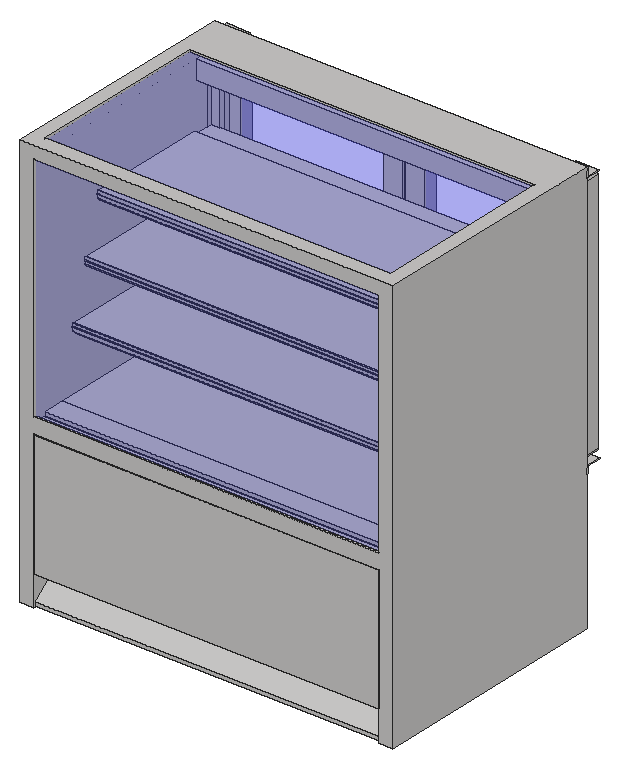
Revit family "Food-Service-Equipment_Oscartek_BT1200", category Specialty Equipment, Revit 2026
Family settings
  Round Connector Dimension = Use Diameter
  Part Type = Normal
  Classification Number = 23.40.40.11
  Work Plane-Based = No
  Enable Cutting in Views = No
  Always vertical = Yes
  Cut with Voids When Loaded = No
  Maintain Annotation Orientation = No
  Shared = No
  Room Calculation Point = No
Parameters
  Weight in Pounds = 0
  Watts = 0 W
  Volts = 0 V
  URL Cutsheet = "www.oscartek.com"
  URL = "www.oscartek.com"
  Type Mark [instance] = ""
  Type Comments = "As Specified"
  Test Data = "http://www.oscartek.com/company/clients.php"
  Status [instance] = ""
  Specification by User [instance] = ""
  Specification by Manufacturer = ""
  Specification = "https://www.arcat.com/arcatcos/cos48/arc48760.html"
  Show Clearance [instance] = yes
  Serial Number = ""
  Seismic Rating = ""
  Sales Information = "http://www.oscartek.com/company/contact.php"
  SMACNA No = ""
  Revision Code [instance] = ""
  Revision = "R1_2018-10"
  Product Data = "http://www.oscartek.com/support/manuals/"
  Phase = 1
  Omniclass Number and Title = ""
  Number of Poles [instance] = 1
  NAFEM Spec ID Number = ""
  Model = "BT1200"
  Min Ckt Ampacity = 0 A
  Max Overcurrent Protection = 0 A
  Masterspec = ""
  Manufacturer Website = "http://www.oscartek.com/index.php"
  Manufacturer Phone - Toll Free = "855-885-2400"
  Manufacturer Phone = "650-342-2400"
  Manufacturer Fax = "650-342-7400"
  Manufacturer Address = "361 Beach Rd., Burlingame, CA 94010"
  Manufacturer = "OSCARTEK"
  Item Number [instance] = ""
  Installed By [instance] = ""
  Installation-Fabrication = "http://www.oscartek.com/support/manuals/"
  Identify Quantity as Lot [instance] = yes
  HP = ""
  Green Building-LEED = "https://www.arcat.com/green/green_building.shtml"
  Furnished By [instance] = ""
  Foodservice Equipment Identifier [instance] = yes
  FL Amps = 0 A
  Electrical Remarks [instance] = ""
  Electric Connection Type [instance] = ""
  Elec Conn RI Height [instance] = 0"
  Elec Conn Connection Height [instance] = 0"
  Drawn By = "Sumex Design, Inc. / Robert S. Weygant, CSI, CDT, SCIP"
  Description = "ITALIA BT FROZEN NOVALTY BT1200"
  Default Elevation = 0"
  Cycle = 0 Hz
  Copyright = "©Arcat Inc."
  Construction Details = "http://www.oscartek.com/support/manuals/"
  Conn Plug = ""
  Conn Conduit = yes
  Category = ""
  CSI MasterFormat = "11 41 33"
  CSI Master Format = "Foodservice Shelving"
  Building Codes = "https://www.arcat.com/arcatcos/cos48/arc48760.html"
  Apparent Power = if(Phase = 3, Volts * FL Amps * 1.73, Volts * FL Amps)  # 0 VA
Reference planes (in)
  plane 1 "BACK": y = 0
  plane 2: z = 0
  plane 3 "LEFT": x = 0
  plane 4 "RIGHT": x = 47.375
  plane 5 "FRONT": y = -33.125
  plane 6 "TOP": z = 53.125
  plane 7 "Center Y": x = 23.6875
  plane 8 "Center X": y = -16.5625
  plane 9: y = -2.25
  plane 10: y = -5.081
Forms (in)
  Extrusion 1, solid, material "QF_Finishes_Stainless Steel"
    sketch origin (0, 0, 0) x (0, 1, 0) y (0, 0, 1)
      loop
        line (-29.28522, 0.44114) -> (-2.25, 0.44114) -> (-2.25, 21.67028) -> (-4.19513, 21.67028) -> (-4.19513, 22.13673) -> (-7.38947, 22.13673) -> (-7.38947, 22.03039) -> (-28.6545, 22.03039) -> (-28.6545, 22.08159) -> (-31.49041, 22.08159) -> (-31.49041, 21.62381) -> (-32.86898, 21.62381) -> (-32.86898, 13.3646) -> (-29.27732, 13.3646) -> (-29.27732, 4.0557) -> (-33.04622, 1.11111) -> (-33.04622, 0.59907) -> (-29.28522, 0.59907) -> (-29.28522, 0.44114)
      loop
        line (-2.25, 52.93698) -> (-6.59743, 52.93698) -> (-6.59743, 51.67658) -> (-7.42063, 51.67658) -> (-7.42063, 49.30775) -> (-2.25, 49.30775) -> (-2.25, 52.93698)
    from 1.7687 to 45.64566
  Extrusion 2, solid, material "QF_Finishes_Stainless Steel"
    sketch origin (0, 0, 0) x (0, 1, 0) y (0, 0, 1)
      loop
        line (-33.125, 0.44114) -> (-2.25, 0.44114) -> (-2.25, 53.125) -> (-33.125, 53.125) -> (-33.125, 0.44114)
    from 0 to 1.7687
  Extrusion 3, solid, material "QF_Finishes_Stainless Steel"
    sketch origin (47.375, 0, 0) x (0, 1, 0) y (0, 0, -1)
      loop
        line (-33.125, -0.44114) -> (-33.125, -53.125) -> (-2.25, -53.125) -> (-2.25, -0.44114) -> (-33.125, -0.44114)
    from 0 to 1.72934
  Extrusion 4, solid, material "QF_Finishes_Stainless Steel"
    sketch origin (0, 0, 0) x (0, 1, 0) y (0, 0, 1)
      loop
        line (-5.08012, 27.05539) -> (-5.08012, 29.82631) -> (-27.04517, 29.82631) -> (-27.04517, 29.33987) -> (-26.6513, 28.94599) -> (-20.74315, 28.94599) -> (-19.65408, 27.85693) -> (-10.20105, 27.85693) -> (-9.36688, 27.05539) -> (-5.08012, 27.05539)
      loop
        line (-5.081, 33.75129) -> (-5.081, 36.52221) -> (-25.07579, 36.52221) -> (-25.07579, 36.03577) -> (-24.68191, 35.64189) -> (-18.77377, 35.64189) -> (-17.70777, 34.5759) -> (-10.20105, 34.55282) -> (-9.36688, 33.75129) -> (-5.081, 33.75129)
      loop
        line (-22.71253, 42.33779) -> (-16.80439, 42.33779) -> (-15.71532, 41.24872) -> (-10.20105, 41.24872) -> (-9.39951, 40.44718) -> (-5.081, 40.44718) -> (-5.081, 43.21811) -> (-23.10641, 43.21811) -> (-23.10641, 42.73167) -> (-22.71253, 42.33779)
    from 1.7687 to 45.64762
  Extrusion 5, solid, material "QF_Finishes_Stainless Steel"
    sketch origin (0, 0, 0) x (0, 1, 0) y (0, 0, 1)
      loop
        line (-9.74721, 36.52221) -> (-9.74721, 36.91608) -> (-25.02961, 36.91608) -> (-25.02961, 36.52221) -> (-9.74721, 36.52221)
      loop
        line (-9.74721, 30.22018) -> (-26.99899, 30.22018) -> (-26.99899, 29.82631) -> (-9.74721, 29.82631) -> (-9.74721, 30.22018)
      loop
        line (-7.77783, 43.61198) -> (-23.06023, 43.61198) -> (-23.06023, 43.21811) -> (-7.77783, 43.21811) -> (-7.77783, 43.61198)
    from 1.7687 to 45.64762
  Extrusion 6, solid, material "QF_Finishes_Stainless Steel"
    sketch origin (0, 0, 0) x (0, 1, 0) y (0, 0, 1)
      loop
        line (-23.19897, 43.69075) -> (-23.19897, 43.25158)
        arc (-23.19897, 43.25158) -> (-23.17186, 43.18613) -> (-23.10641, 43.15902) r 0.09256
        line (-23.10641, 43.15902) -> (-23.10641, 43.21811)
        arc (-23.10641, 43.21811) -> (-23.13008, 43.22791) -> (-23.13989, 43.25158) r 0.03347
        line (-23.13989, 43.25158) -> (-23.13989, 43.69075) -> (-23.19897, 43.69075)
      loop
        line (-25.16835, 36.99486) -> (-25.16835, 36.55568)
        arc (-25.16835, 36.55568) -> (-25.14124, 36.49023) -> (-25.07579, 36.46312) r 0.09256
        line (-25.07579, 36.46312) -> (-25.07579, 36.52221)
        arc (-25.07579, 36.52221) -> (-25.09946, 36.53201) -> (-25.10927, 36.55568) r 0.03347
        line (-25.10927, 36.55568) -> (-25.10927, 36.99486) -> (-25.16835, 36.99486)
      loop
        line (-27.13773, 30.29896) -> (-27.13773, 29.85979)
        arc (-27.13773, 29.85979) -> (-27.11062, 29.79434) -> (-27.04517, 29.76723) r 0.09256
        line (-27.04517, 29.76723) -> (-27.04517, 29.82632)
        arc (-27.04517, 29.82632) -> (-27.06884, 29.83612) -> (-27.07865, 29.85979) r 0.03347
        line (-27.07865, 29.85979) -> (-27.07865, 30.29896) -> (-27.13773, 30.29896)
    from 1.78641 to 45.64762
  Extrusion 7, solid, material "QF_Finishes_Stainless Steel"
    sketch origin (0, 0, 0) x (1, 0, 0) y (0, 1, 0)
      loop
        circle (5.01687, -26.52719) r 0.86566
      loop
        circle (42.35813, -26.52719) r 0.86566
      loop
        circle (5.01687, -5.17909) r 0.86566
      loop
        circle (42.35813, -5.17909) r 0.86566
    from 0 to 0.44114
  Extrusion 8, solid, material "QF_Finishes_Stainless Steel"
    sketch origin (0, 0, 0) x (0, 1, 0) y (0, 0, 1)
      loop
        line (-2.10724, 18.10732) -> (-2.10724, 18.97385) -> (-0.27529, 18.97385) -> (-0.27529, 19.09202) -> (-2.2254, 19.09202) -> (-2.2254, 18.10732) -> (-2.10724, 18.10732)
      loop
        line (-2.25, 51.84825) -> (-0.31468, 51.84825) -> (-0.31468, 51.96641) -> (-2.14663, 51.96641) -> (-2.14663, 52.83294) -> (-2.25, 52.83294) -> (-2.25, 51.84825)
    from 0 to 2.9375
  Extrusion 9, solid, material "QF_Finishes_Stainless Steel"
    sketch origin (47.375, 0, 0) x (0, 1, 0) y (0, 0, -1)
      loop
        line (-2.10724, -18.10732) -> (-2.2254, -18.10732) -> (-2.2254, -19.09202) -> (-0.27529, -19.09202) -> (-0.27529, -18.97385) -> (-2.10724, -18.97385) -> (-2.10724, -18.10732)
      loop
        line (-0.31468, -51.96641) -> (-0.31468, -51.84825) -> (-2.25, -51.84825) -> (-2.25, -52.83294) -> (-2.14663, -52.83294) -> (-2.14663, -51.96641) -> (-0.31468, -51.96641)
    from 0 to 2.9375
  Extrusion 10, solid, material "QF_Finishes_Stainless Steel"
    sketch origin (0, 0, 0) x (1, 0, 0) y (0, 0, 1)
      loop
        arc (46.58641, 19.51817) -> (46.81014, 19.61085) -> (46.90282, 19.83458) r 0.31641
        line (46.90282, 19.83458) -> (46.90282, 51.0343)
        arc (46.90282, 51.0343) -> (46.81014, 51.25803) -> (46.58641, 51.3507) r 0.31641
        line (46.58641, 51.3507) -> (24.20065, 51.3507)
        arc (24.20065, 51.3507) -> (23.97691, 51.25803) -> (23.88424, 51.0343) r 0.31641
        line (23.88424, 51.0343) -> (23.88424, 19.83458)
        arc (23.88424, 19.83458) -> (23.97691, 19.61085) -> (24.20065, 19.51817) r 0.31641
        line (24.20065, 19.51817) -> (46.58641, 19.51817)
      loop
        arc (23.49076, 51.0343) -> (23.39809, 51.25803) -> (23.17435, 51.3507) r 0.31641
        line (23.17435, 51.3507) -> (0.78859, 51.3507)
        arc (0.78859, 51.3507) -> (0.56486, 51.25803) -> (0.47218, 51.0343) r 0.31641
        line (0.47218, 51.0343) -> (0.47218, 19.83458)
        arc (0.47218, 19.83458) -> (0.56486, 19.61085) -> (0.78859, 19.51817) r 0.31641
        line (0.78859, 19.51817) -> (23.17435, 19.51817)
        arc (23.17435, 19.51817) -> (23.39809, 19.61085) -> (23.49076, 19.83458) r 0.31641
        line (23.49076, 19.83458) -> (23.49076, 51.0343)
      loop
        line (44.48292, 48.14384) -> (26.30414, 48.14384) -> (26.30414, 22.72503) -> (44.48292, 22.72503) -> (44.48292, 48.14384)
      loop
        line (2.89208, 48.14384) -> (2.89208, 22.72503) -> (21.07086, 22.72503) -> (21.07086, 48.14384) -> (2.89208, 48.14384)
    from 0 to 1.73699
  Extrusion 11, solid, material "QF_Finishes_Stainless Steel"
    sketch origin (0, 0, 0) x (1, 0, 0) y (0, 1, 0)
      loop
        arc (23.90519, -1.73699) -> (23.87469, -1.7546) -> (23.87469, -1.78982) r 0.03522
        line (23.87469, -1.78982) -> (24.14037, -2.25) -> (25.95291, -2.25) -> (25.95291, -1.73699) -> (23.90519, -1.73699)
      loop
        line (23.46981, -1.73699) -> (21.42209, -1.73699) -> (21.42209, -2.25) -> (23.23463, -2.25) -> (23.50031, -1.78982)
        arc (23.50031, -1.78982) -> (23.50031, -1.7546) -> (23.46981, -1.73699) r 0.03522
    from 50.04037 to 50.58098
  Extrusion 12, solid, material "Glass"
    sketch origin (0, 0, 0) x (1, 0, 0) y (0, 0, 1)
      loop
        line (44.48292, 48.14384) -> (26.30414, 48.14384) -> (26.30414, 22.72503) -> (44.48292, 22.72503) -> (44.48292, 48.14384)
      loop
        line (21.07086, 48.14384) -> (2.89208, 48.14384) -> (2.89208, 22.72503) -> (21.07086, 22.72503) -> (21.07086, 48.14384)
    from 0.16149 to 1.57944
  Extrusion 13, solid, material "QF_Finishes_Stainless Steel"
    sketch origin (46.58803, 0, 51.3507) x (-1, 0, 0) y (0, -1, 0)
      loop
        circle (0.4733, 0.81601) r 0.21661
      loop
        circle (45.32777, 0.81601) r 0.21661
    from 0 to 0.49755
  Extrusion 14, solid, material "QF_Finishes_Stainless Steel"
    sketch origin (46.58803, 0, 51.3507) x (-1, 0, 0) y (0, -1, 0)
      loop
        circle (0.4733, 0.81601) r 0.21661
      loop
        circle (45.32777, 0.81601) r 0.21661
    from -32.25869 to -31.83253
  Extrusion 15, solid, material "Glass"
    sketch origin (0, 0, 0) x (0, 1, 0) y (0, 0, 1)
      loop
        line (-31.76612, 21.62381) -> (-31.76612, 51.63719) -> (-32.86898, 51.63719) -> (-32.86898, 21.62381) -> (-31.76612, 21.62381)
    from 1.7687 to 45.64566
  Extrusion 16, solid, material "Glass"
    sketch origin (0, 0, 0) x (0, 1, 0) y (0, 0, 1)
      loop
        line (-32.79021, 51.67658) -> (-6.59743, 51.67658) -> (-6.59743, 52.93698) -> (-32.79021, 52.93698) -> (-32.79021, 51.67658)
    from 1.7687 to 45.64566
  Extrusion 17, solid, material "QF_Finishes_Stainless Steel"
    sketch origin (0, 0, 0) x (1, 0, 0) y (0, 1, 0)
      loop
        line (47.375, -33.125) -> (47.375, -2.18601) -> (0, -2.18601) -> (0, -33.125) -> (47.375, -33.125)
      loop
        line (1.7687, -8.43189) -> (1.7687, -31.35277) -> (45.64566, -31.35277) -> (45.64566, -8.43189) -> (1.7687, -8.43189)
    from 52.93698 to 53.125
  Extrusion 18, solid, material "QF_Finishes_Stainless Steel"
    sketch origin (0, 0, 0) x (0, 1, 0) y (0, 0, 1)
      loop
        line (-32.21908, 4.30151) -> (-32.21908, 13.3646) -> (-32.86898, 13.3646) -> (-32.86898, 20.17472) -> (-33.125, 20.17472) -> (-33.125, 4.30151) -> (-32.21908, 4.30151)
    from 1.7687 to 45.64566
  Extrusion 19, solid, material "QF_Finishes_Stainless Steel"
    sketch origin (0, 0, 0) x (1, 0, 0) y (0, 0, 1)
      loop
        line (1.7687, 22.15393) -> (1.7687, 20.20586) -> (45.64566, 20.20586) -> (45.64566, 22.15393) -> (1.7687, 22.15393)
      loop
        line (1.7687, 51.50161) -> (45.64566, 51.50161) -> (45.64566, 52.93698) -> (1.7687, 52.93698) -> (1.7687, 51.50161)
    from 32.86898 to 33.125
  Extrusion 20, solid, material "QF_Finishes_Stainless Steel"
    sketch origin (-17.47769, -2.25, 8.58171) x (0, 0, 1) y (1, 0, 0)
      loop
        arc (5.44709, 18.90591) -> (5.46915, 18.85266) -> (5.52239, 18.8306) r 0.0753
        line (5.52239, 18.8306) -> (6.80077, 18.8306)
        arc (6.80077, 18.8306) -> (6.86714, 18.8581) -> (6.89463, 18.92447) r 0.09386
        line (6.89463, 18.92447) -> (6.89463, 25.96309)
        arc (6.89463, 25.96309) -> (6.86578, 26.03275) -> (6.79612, 26.06161) r 0.09851
        line (6.79612, 26.06161) -> (5.52788, 26.06161)
        arc (5.52788, 26.06161) -> (5.47075, 26.03795) -> (5.44709, 25.98082) r 0.08079
        line (5.44709, 25.98082) -> (5.44709, 18.90591)
    from 0 to 0.125
  Extrusion 21, solid, material "QF_Finishes_Stainless Steel"
    sketch origin (-17.47769, -2.125, 8.58171) x (0, 0, 1) y (1, 0, 0)
      loop
        line (6.27863, 24.7333) -> (6.27863, 24.2067) -> (6.67375, 24.2067) -> (6.67375, 24.7333) -> (6.27863, 24.7333)
      loop
        line (6.16085, 24.7333) -> (5.7657, 24.7333) -> (5.7657, 24.2067) -> (6.16085, 24.2067) -> (6.16085, 24.7333)
      loop
        line (6.16085, 24.12417) -> (5.7657, 24.12417) -> (5.7657, 23.59756) -> (6.16085, 23.59756) -> (6.16085, 24.12417)
      loop
        line (6.27863, 23.59756) -> (6.67375, 23.59756) -> (6.67375, 24.12417) -> (6.27863, 24.12417) -> (6.27863, 23.59756)
      loop
        line (6.27863, 23.51504) -> (6.27863, 22.98843) -> (6.67375, 22.98843) -> (6.67375, 23.51504) -> (6.27863, 23.51504)
      loop
        line (6.16085, 23.51504) -> (5.7657, 23.51504) -> (5.7657, 22.98843) -> (6.16085, 22.98843) -> (6.16085, 23.51504)
      loop
        line (6.27863, 22.9059) -> (6.27863, 22.3793) -> (6.67375, 22.3793) -> (6.67375, 22.9059) -> (6.27863, 22.9059)
      loop
        line (6.16085, 22.3793) -> (6.16085, 22.9059) -> (5.7657, 22.9059) -> (5.7657, 22.3793) -> (6.16085, 22.3793)
      loop
        line (6.67375, 22.23782) -> (5.7657, 22.23782) -> (5.7657, 20.15891) -> (6.67375, 20.15891) -> (6.67375, 22.23782)
    from 0 to 0.0625
  Extrusion 22, solid, material "QF_Finishes_Stainless Steel"
    sketch origin (-39.75581, -2.25, 4.95316) x (0, 0, -1) y (-1, 0, 0)
      loop
        circle (-7.38814, -44.72148) r 1
    from 0 to 0.25
  Extrusion 23, solid, material "QF_Finishes_Stainless Steel"
    sketch origin (-39.75581, -2, 4.95316) x (0, 0, -1) y (-1, 0, 0)
      loop
        circle (-7.38814, -44.72148) r 0.65496
    from 0 to 0.25
  Extrusion 24, solid, material "QF_Finishes_Stainless Steel"
    sketch origin (-39.75581, -2, 4.95316) x (0, 0, -1) y (-1, 0, 0)
      loop
        line (-6.47417, -44.67411) -> (-7.99136, -44.43381)
        arc (-7.99136, -44.43381) -> (-8.03974, -44.43698) -> (-8.08204, -44.46067) r 0.10983
        line (-8.08204, -44.46067) -> (-8.30651, -44.66278)
        arc (-8.30651, -44.66278) -> (-8.33264, -44.72148) -> (-8.30651, -44.78018) r 0.07899
        line (-8.30651, -44.78018) -> (-8.08188, -44.98244)
        arc (-8.08188, -44.98244) -> (-8.03975, -45.00603) -> (-7.99158, -45.00919) r 0.10938
        line (-7.99158, -45.00919) -> (-6.47417, -44.76885)
        arc (-6.47417, -44.76885) -> (-6.43371, -44.72148) -> (-6.47417, -44.67411) r 0.04796
    from 0 to 0.75
  Extrusion 25, solid, material "QF_Finishes_Stainless Steel"
    sketch origin (0, 0, 0) x (1, 0, 0) y (0, 1, 0)
      loop
        line (1.7687, -4.3935) -> (1.7687, -5.5185) -> (1.82729, -5.5185) -> (1.82729, -5.081) -> (2.9375, -5.081) -> (2.9375, -4.3935) -> (1.7687, -4.3935)
      loop
        line (45.6063, -4.3935) -> (44.4375, -4.3935) -> (44.4375, -5.081) -> (45.54771, -5.081) -> (45.54771, -5.5185) -> (45.6063, -5.5185) -> (45.6063, -4.3935)
    from 22.72503 to 48.14384
  Extrusion 26, solid, material "QF_Finishes_Stainless Steel"
    sketch origin (46.58803, 0, 51.3507) x (-1, 0, 0) y (0, -1, 0)
      loop
        line (2.83627, 0.34342) -> (2.83627, 1.28861) -> (-0.07806, 1.28861) -> (-0.07806, 0.34342) -> (2.83627, 0.34342)
      loop
        arc (0.25669, 0.81601) -> (0.44348, 0.60147) -> (0.68169, 0.75694) r 0.21661
        line (0.68169, 0.75694) -> (0.78434, 0.75694)
        arc (0.78434, 0.75694) -> (0.81311, 0.76886) -> (0.82503, 0.79763) r 0.04069
        line (0.82503, 0.79763) -> (0.82503, 0.83667)
        arc (0.82503, 0.83667) -> (0.81378, 0.86384) -> (0.78661, 0.87509) r 0.03842
        line (0.78661, 0.87509) -> (0.68169, 0.87509)
        arc (0.68169, 0.87509) -> (0.44348, 1.03056) -> (0.25669, 0.81601) r 0.21661
      loop
        line (42.96479, 0.34342) -> (45.87913, 0.34342) -> (45.87913, 1.28861) -> (42.96479, 1.28861) -> (42.96479, 0.34342)
      loop
        arc (45.54438, 0.81601) -> (45.35759, 1.03056) -> (45.11938, 0.87509) r 0.21661
        line (45.11938, 0.87509) -> (45.01446, 0.87509)
        arc (45.01446, 0.87509) -> (44.98729, 0.86384) -> (44.97604, 0.83667) r 0.03842
        line (44.97604, 0.83667) -> (44.97604, 0.79763)
        arc (44.97604, 0.79763) -> (44.98795, 0.76886) -> (45.01672, 0.75694) r 0.04069
        line (45.01672, 0.75694) -> (45.11938, 0.75694)
        arc (45.11938, 0.75694) -> (45.35759, 0.60147) -> (45.54438, 0.81601) r 0.21661
    from 0 to 0.0625
  Extrusion 27, solid, material "QF_Finishes_Stainless Steel"
    sketch origin (0, 0, 0) x (1, 0, 0) y (0, 1, 0)
      loop
        line (2.05272, -1.73699) -> (1.2366, -1.73699) -> (1.34338, -1.79061)
        arc (1.34338, -1.79061) -> (1.35477, -1.80274) -> (1.35563, -1.81936) r 0.02418
        line (1.35563, -1.81936) -> (1.30427, -1.98539)
        arc (1.30427, -1.98539) -> (1.31186, -2.02236) -> (1.34715, -2.03576) r 0.03918
        line (1.34715, -2.03576) -> (1.51461, -2.01223)
        arc (1.51461, -2.01223) -> (1.52992, -2.01431) -> (1.54189, -2.02409) r 0.02847
        line (1.54189, -2.02409) -> (1.56048, -2.05063)
        arc (1.56048, -2.05063) -> (1.56155, -2.06698) -> (1.54754, -2.07548) r 0.01579
        line (1.54754, -2.07548) -> (1.34164, -2.07548)
        arc (1.34164, -2.07548) -> (1.31404, -2.08691) -> (1.30261, -2.11451) r 0.03903
        line (1.30261, -2.11451) -> (1.30261, -2.25) -> (2.01299, -2.25)
        arc (2.01299, -2.25) -> (2.07318, -2.0258) -> (1.94075, -1.83514) r 0.27561
        arc (1.94075, -1.83514) -> (1.93269, -1.82134) -> (1.94033, -1.8073) r 0.01627
        line (1.94033, -1.8073) -> (2.05272, -1.73699)
      loop
        line (45.32228, -1.73699) -> (45.43467, -1.8073)
        arc (45.43467, -1.8073) -> (45.44231, -1.82134) -> (45.43425, -1.83514) r 0.01627
        arc (45.43425, -1.83514) -> (45.30182, -2.0258) -> (45.36201, -2.25) r 0.27561
        line (45.36201, -2.25) -> (46.07239, -2.25) -> (46.07239, -2.11451)
        arc (46.07239, -2.11451) -> (46.06096, -2.08691) -> (46.03336, -2.07548) r 0.03903
        line (46.03336, -2.07548) -> (45.82746, -2.07548)
        arc (45.82746, -2.07548) -> (45.81345, -2.06698) -> (45.81452, -2.05063) r 0.01579
        line (45.81452, -2.05063) -> (45.83311, -2.02409)
        arc (45.83311, -2.02409) -> (45.84508, -2.01431) -> (45.86039, -2.01223) r 0.02847
        line (45.86039, -2.01223) -> (46.02785, -2.03576)
        arc (46.02785, -2.03576) -> (46.06314, -2.02236) -> (46.07073, -1.98539) r 0.03918
        line (46.07073, -1.98539) -> (46.01937, -1.81936)
        arc (46.01937, -1.81936) -> (46.02023, -1.80274) -> (46.03162, -1.79061) r 0.02418
        line (46.03162, -1.79061) -> (46.1384, -1.73699) -> (45.32228, -1.73699)
    from 20.32858 to 21.31814
  Extrusion 28, solid, material "QF_Finishes_Stainless Steel"
    sketch origin (0, 0, 0) x (1, 0, 0) y (0, 1, 0)
      loop
        line (2.05272, -1.73699) -> (1.2366, -1.73699) -> (1.34338, -1.79061)
        arc (1.34338, -1.79061) -> (1.35477, -1.80274) -> (1.35563, -1.81936) r 0.02418
        line (1.35563, -1.81936) -> (1.30427, -1.98539)
        arc (1.30427, -1.98539) -> (1.31186, -2.02236) -> (1.34715, -2.03576) r 0.03918
        line (1.34715, -2.03576) -> (1.51461, -2.01223)
        arc (1.51461, -2.01223) -> (1.52992, -2.01431) -> (1.54189, -2.02409) r 0.02847
        line (1.54189, -2.02409) -> (1.56048, -2.05063)
        arc (1.56048, -2.05063) -> (1.56155, -2.06698) -> (1.54754, -2.07548) r 0.01579
        line (1.54754, -2.07548) -> (1.34164, -2.07548)
        arc (1.34164, -2.07548) -> (1.31404, -2.08691) -> (1.30261, -2.11451) r 0.03903
        line (1.30261, -2.11451) -> (1.30261, -2.25) -> (2.01299, -2.25)
        arc (2.01299, -2.25) -> (2.07318, -2.0258) -> (1.94075, -1.83514) r 0.27561
        arc (1.94075, -1.83514) -> (1.93269, -1.82134) -> (1.94033, -1.8073) r 0.01627
        line (1.94033, -1.8073) -> (2.05272, -1.73699)
      loop
        line (45.32228, -1.73699) -> (45.43467, -1.8073)
        arc (45.43467, -1.8073) -> (45.44231, -1.82134) -> (45.43425, -1.83514) r 0.01627
        arc (45.43425, -1.83514) -> (45.30182, -2.0258) -> (45.36201, -2.25) r 0.27561
        line (45.36201, -2.25) -> (46.07239, -2.25) -> (46.07239, -2.11451)
        arc (46.07239, -2.11451) -> (46.06096, -2.08691) -> (46.03336, -2.07548) r 0.03903
        line (46.03336, -2.07548) -> (45.82746, -2.07548)
        arc (45.82746, -2.07548) -> (45.81345, -2.06698) -> (45.81452, -2.05063) r 0.01579
        line (45.81452, -2.05063) -> (45.83311, -2.02409)
        arc (45.83311, -2.02409) -> (45.84508, -2.01431) -> (45.86039, -2.01223) r 0.02847
        line (45.86039, -2.01223) -> (46.02785, -2.03576)
        arc (46.02785, -2.03576) -> (46.06314, -2.02236) -> (46.07073, -1.98539) r 0.03918
        line (46.07073, -1.98539) -> (46.01937, -1.81936)
        arc (46.01937, -1.81936) -> (46.02023, -1.80274) -> (46.03162, -1.79061) r 0.02418
        line (46.03162, -1.79061) -> (46.1384, -1.73699) -> (45.32228, -1.73699)
    from 50.04037 to 50.79528
  Extrusion 29, solid, material "QF_Finishes_Stainless Steel"
    sketch origin (47.375, -0.19531, 0) x (-1, 0, 0) y (0, -1, 0)
      loop
        line (23.88424, 0.43989) -> (23.88424, 0.7429) -> (23.84414, 0.7429) -> (23.84414, 0.77508)
        arc (23.84414, 0.77508) -> (23.50993, 0.5914) -> (23.84414, 0.40771) r 0.21758
        line (23.84414, 0.40771) -> (23.84414, 0.43989) -> (23.88424, 0.43989)
      loop
        line (23.88424, 0.93989) -> (23.88424, 1.2429) -> (23.84414, 1.2429) -> (23.84414, 1.27508)
        arc (23.84414, 1.27508) -> (23.50993, 1.0914) -> (23.84414, 0.90771) r 0.21758
        line (23.84414, 0.90771) -> (23.84414, 0.93989) -> (23.88424, 0.93989)
    from 20.97386 to 50.04037
  Extrusion 30, solid, material "QF_Door-Drawer Clearances", visible <- "Show Clearance", detail levels coarse
    sketch origin (0, 0, 0) x (1, 0, 0) y (0, 1, 0)
      loop
        line (23.88424, 0) -> (46.88424, 0) -> (46.88424, 23)
        arc (46.88424, 23) -> (30.62078, 16.26346) -> (23.88424, 0) r 23
      loop
        arc (23.49076, 0) -> (16.75422, 16.26346) -> (0.49076, 23) r 23
        line (0.49076, 23) -> (0.49076, 0) -> (23.49076, 0)
    from 19.51817 to 51.3507
Cuts and joins
  joined: Extrusion 1, Extrusion 2, Extrusion 3, Extrusion 17, Extrusion 19
Lines and regions (in)
  Split face 1
    outline origin (1.7687, -2.25, 0.44114) x (-1, 0, 0) y (0, 0, 1)
      loop
        line (-34.31795, 12.79349) -> (-34.31795, 0.35596) -> (-8.0663, 0.35596) -> (-8.0663, 12.79349) -> (-34.31795, 12.79349)
  symbolic lines
    curve 1: line (0, -33.125, 0) -> (47.375, -33.125, 0)
    curve 2: line (0, -2.25, 0) -> (0, -33.125, 0)
    curve 3: line (47.375, -2.25, 0) -> (0, -2.25, 0)
    curve 4: line (47.375, -33.125, 0) -> (47.375, -2.25, 0)
    curve 5: line (1.7687, -8.43189, 0) -> (45.64566, -8.43189, 0)
    curve 6: line (1.7687, -31.35277, 0) -> (1.7687, -8.43189, 0)
    curve 7: line (45.64566, -31.35277, 0) -> (1.7687, -31.35277, 0)
    curve 8: line (45.64566, -8.43189, 0) -> (45.64566, -31.35277, 0)
    curve 9: line (23.49076, 0, 0) -> (0.49076, 0, 0)
    curve 10: line (23.49076, -1.73699, 0) -> (23.49076, 0, 0)
    curve 11: line (0.49076, -1.73699, 0) -> (23.49076, -1.73699, 0)
    curve 12: line (0.49076, 0, 0) -> (0.49076, -1.73699, 0)
    curve 13: line (23.88424, 0, 0) -> (46.88424, 0, 0)
    curve 14: line (23.88424, -1.73699, 0) -> (23.88424, 0, 0)
    curve 15: line (46.88424, -1.73699, 0) -> (23.88424, -1.73699, 0)
    curve 16: line (46.88424, 0, 0) -> (46.88424, -1.73699, 0)
    curve 17: arc (23.50031, -1.78982, 0) -> (23.50031, -1.7546, 0) -> (23.46981, -1.73699, 0) r 0.03522
    curve 18: line (23.23463, -2.25, 0) -> (23.50031, -1.78982, 0)
    curve 19: line (21.42209, -1.73699, 0) -> (21.42209, -2.25, 0)
    curve 20: arc (23.87469, -1.78982, 0) -> (23.87469, -1.7546, 0) -> (23.90519, -1.73699, 0) r 0.03522
    curve 21: line (24.14037, -2.25, 0) -> (23.87469, -1.78982, 0)
    curve 22: line (25.95291, -1.73699, 0) -> (25.95291, -2.25, 0)
    curve 23: arc (23.53086, -0.97039, 0) -> (23.86507, -0.78671, 0) -> (23.53086, -0.60302, 0) r 0.21758
    curve 24: line (23.53086, -0.60302, 0) -> (23.53086, -0.6352, 0)
    curve 25: line (23.53086, -0.6352, 0) -> (23.49076, -0.6352, 0)
    curve 26: line (23.49076, -0.93821, 0) -> (23.53086, -0.93821, 0)
    curve 27: line (23.53086, -0.93821, 0) -> (23.53086, -0.97039, 0)
    curve 28: arc (23.53086, -1.47039, 0) -> (23.86507, -1.28671, 0) -> (23.53086, -1.10302, 0) r 0.21758
    curve 29: line (23.53086, -1.10302, 0) -> (23.53086, -1.1352, 0)
    curve 30: line (23.53086, -1.1352, 0) -> (23.49076, -1.1352, 0)
    curve 31: line (23.49076, -1.43821, 0) -> (23.53086, -1.43821, 0)
    curve 32: line (23.53086, -1.43821, 0) -> (23.53086, -1.47039, 0)
    curve 33: line (1.94033, -1.8073, 0) -> (2.05272, -1.73699, 0)
    curve 34: line (1.2366, -1.73699, 0) -> (1.34338, -1.79061, 0)
    curve 35: arc (1.34338, -1.79061, 0) -> (1.35477, -1.80274, 0) -> (1.35563, -1.81936, 0) r 0.02418
    curve 36: line (1.35563, -1.81936, 0) -> (1.30427, -1.98539, 0)
    curve 37: arc (1.30427, -1.98539, 0) -> (1.31186, -2.02236, 0) -> (1.34715, -2.03576, 0) r 0.03918
    curve 38: line (1.34715, -2.03576, 0) -> (1.51461, -2.01223, 0)
    curve 39: arc (1.51461, -2.01223, 0) -> (1.52992, -2.01431, 0) -> (1.54189, -2.02409, 0) r 0.02847
    curve 40: line (1.54189, -2.02409, 0) -> (1.56048, -2.05063, 0)
    curve 41: arc (1.56048, -2.05063, 0) -> (1.56155, -2.06698, 0) -> (1.54754, -2.07548, 0) r 0.01579
    curve 42: line (1.54754, -2.07548, 0) -> (1.34164, -2.07548, 0)
    curve 43: arc (1.34164, -2.07548, 0) -> (1.31404, -2.08691, 0) -> (1.30261, -2.11451, 0) r 0.03903
    curve 44: line (1.30261, -2.11451, 0) -> (1.30261, -2.25, 0)
    curve 45: arc (2.01299, -2.25, 0) -> (2.07318, -2.0258, 0) -> (1.94075, -1.83514, 0) r 0.27561
    curve 46: arc (1.94075, -1.83514, 0) -> (1.93269, -1.82134, 0) -> (1.94033, -1.8073, 0) r 0.01627
    curve 47: line (45.43467, -1.8073, 0) -> (45.32228, -1.73699, 0)
    curve 48: line (46.1384, -1.73699, 0) -> (46.03162, -1.79061, 0)
    curve 49: arc (46.03162, -1.79061, 0) -> (46.02023, -1.80274, 0) -> (46.01937, -1.81936, 0) r 0.02418
    curve 50: line (46.01937, -1.81936, 0) -> (46.07073, -1.98539, 0)
    curve 51: arc (46.07073, -1.98539, 0) -> (46.06314, -2.02236, 0) -> (46.02785, -2.03576, 0) r 0.03918
    curve 52: line (46.02785, -2.03576, 0) -> (45.86039, -2.01223, 0)
    curve 53: arc (45.86039, -2.01223, 0) -> (45.84508, -2.01431, 0) -> (45.83311, -2.02409, 0) r 0.02847
    curve 54: line (45.83311, -2.02409, 0) -> (45.81452, -2.05063, 0)
    curve 55: arc (45.81452, -2.05063, 0) -> (45.81345, -2.06698, 0) -> (45.82746, -2.07548, 0) r 0.01579
    curve 56: line (45.82746, -2.07548, 0) -> (46.03336, -2.07548, 0)
    curve 57: arc (46.03336, -2.07548, 0) -> (46.06096, -2.08691, 0) -> (46.07239, -2.11451, 0) r 0.03903
    curve 58: line (46.07239, -2.11451, 0) -> (46.07239, -2.25, 0)
    curve 59: arc (45.36201, -2.25, 0) -> (45.30182, -2.0258, 0) -> (45.43425, -1.83514, 0) r 0.27561
    curve 60: arc (45.43425, -1.83514, 0) -> (45.44231, -1.82134, 0) -> (45.43467, -1.8073, 0) r 0.01627
    curve 61: line (3.62324, -1.28861, 0) -> (3.62324, -0.34342, 0)
    curve 62: line (3.62324, -0.34342, 0) -> (0.7089, -0.34342, 0)
    curve 63: line (0.7089, -0.34342, 0) -> (0.7089, -1.28861, 0)
    curve 64: line (0.7089, -1.28861, 0) -> (3.62324, -1.28861, 0)
    curve 65: line (1.46866, -0.75694, 0) -> (1.57131, -0.75694, 0)
    curve 66: arc (1.57131, -0.75694, 0) -> (1.60008, -0.76886, 0) -> (1.612, -0.79763, 0) r 0.04069
    curve 67: line (1.612, -0.79763, 0) -> (1.612, -0.83667, 0)
    curve 68: arc (1.612, -0.83667, 0) -> (1.60074, -0.86384, 0) -> (1.57358, -0.87509, 0) r 0.03842
    curve 69: line (1.57358, -0.87509, 0) -> (1.46866, -0.87509, 0)
    curve 70: arc (1.46866, -0.87509, 0) -> (1.23044, -1.03056, 0) -> (1.04366, -0.81601, 0) r 0.21661
    curve 71: arc (1.04366, -0.81601, 0) -> (1.23044, -0.60147, 0) -> (1.46866, -0.75694, 0) r 0.21661
    curve 72: line (45.90634, -0.87509, 0) -> (45.80142, -0.87509, 0)
    curve 73: arc (45.80142, -0.87509, 0) -> (45.77426, -0.86384, 0) -> (45.763, -0.83667, 0) r 0.03842
    curve 74: line (45.763, -0.83667, 0) -> (45.763, -0.79763, 0)
    curve 75: arc (45.763, -0.79763, 0) -> (45.77492, -0.76886, 0) -> (45.80369, -0.75694, 0) r 0.04069
    curve 76: line (45.80369, -0.75694, 0) -> (45.90634, -0.75694, 0)
    curve 77: arc (45.90634, -0.75694, 0) -> (46.14456, -0.60147, 0) -> (46.33134, -0.81601, 0) r 0.21661
    curve 78: arc (46.33134, -0.81601, 0) -> (46.14456, -1.03056, 0) -> (45.90634, -0.87509, 0) r 0.21661
    curve 79: line (46.6661, -1.28861, 0) -> (43.75176, -1.28861, 0)
    curve 80: line (46.6661, -0.34342, 0) -> (46.6661, -1.28861, 0)
    curve 81: line (43.75176, -0.34342, 0) -> (46.6661, -0.34342, 0)
    curve 82: line (43.75176, -1.28861, 0) -> (43.75176, -0.34342, 0)
  symbolic lines, style "QF_Door-Drawer Clearances"
    curve 83: arc (23.49076, 0, 0) -> (22.70705, 5.95284, 0) -> (20.40934, 11.5, 0) r 23
    curve 84: line (20.40934, 11.5, 0) -> (0.49076, 0, 0)
    curve 85: arc (26.96566, 11.5, 0) -> (24.66795, 5.95284, 0) -> (23.88424, 0, 0) r 23
    curve 86: line (46.88424, 0, 0) -> (26.96566, 11.5, 0)
  symbolic lines, style "QF_Surface Details"
    curve 87: line (13.42482, -28.46004, 0) -> (31.27926, -10.6056, 0)
    curve 88: line (14.48548, -20.32831, 0) -> (22.26365, -12.55014, 0)
    curve 89: line (21.55655, -27.39938, 0) -> (29.33472, -19.62121, 0)
Dimensions and locks (in)
  equal spacing: plane 3 "LEFT", plane 7 "Center Y", plane 4 "RIGHT"
  plane 3 "LEFT" to plane 4 "RIGHT" = 47 3/8"
  equal spacing: plane 5 "FRONT", plane 8 "Center X", plane 1 "BACK"
  plane 5 "FRONT" to plane 1 "BACK" = 33 1/8"
  plane 6 "TOP" to level = 53 1/8"
  plane 5 "FRONT" to plane 9 = 30 7/8"
  locked: Extrusion 20 sketch curve to Extrusion 20 sketch curve at 7.231
  Extrusion 21 sketch curve to Extrusion 21 sketch curve to Extrusion 21 sketch curve to Extrusion 21 sketch curve to Extrusion 21 sketch curve to Extrusion 21 sketch curve to Extrusion 21 sketch curve to Extrusion 21 sketch curve to Extrusion 21 sketch curve to Extrusion 21 sketch curve = 2.07891" locked, 0.14148" locked, 0.52661" locked, 0.08253" locked, 0.52661" locked, 0.08253" locked, 0.52661" locked, 0.08253" locked, 0.52661" locked
  aligned and locked: level to plane 2
  aligned and locked: Extrusion 21 sketch curve to Extrusion 21 sketch curve  (x8)
Automatic sketch dimensions
  Extrusion 1 sketch curve to plane 9 = 0"  (x2)
  plane 10 to Extrusion 1 sketch curve = 0.88587"
  Extrusion 1 sketch curve to plane 10 = 1.51642"
  Extrusion 1 sketch curve to plane 10 = 2.30846"
  Extrusion 1 sketch curve to plane 10 = 2.33963"
  Extrusion 1 sketch curve to plane 5 "FRONT" = 4.4705"
  Extrusion 1 sketch curve to plane 5 "FRONT" = 3.84768"
  level to Extrusion 1 sketch curve = 0.59907"
  Extrusion 1 sketch curve to Extrusion 1 sketch curve = 0.0079"
  Extrusion 1 sketch curve to plane 5 "FRONT" = 1.63459"
  Extrusion 1 sketch curve to plane 5 "FRONT" = 0.25602"
  Extrusion 1 sketch curve to plane 5 "FRONT" = 0.07878"
  Extrusion 1 sketch curve to Extrusion 1 sketch curve = 0.15793"
  Extrusion 1 sketch curve to Extrusion 1 sketch curve = 0.51204"
  Extrusion 1 sketch curve to Extrusion 1 sketch curve = 3.45663"
  Extrusion 1 sketch curve to Extrusion 1 sketch curve = 9.3089"
  Extrusion 1 sketch curve to Extrusion 1 sketch curve = 8.25921"
  Extrusion 1 sketch curve to Extrusion 1 sketch curve = 21.22914"
  Extrusion 1 sketch curve to Extrusion 1 sketch curve = 0.36011"
  Extrusion 1 sketch curve to Extrusion 1 sketch curve = 0.0512"
  Extrusion 1 sketch curve to Extrusion 1 sketch curve = 0.46646"
  Extrusion 1 sketch curve to plane 6 "TOP" = 3.81725"
  Extrusion 1 sketch curve to plane 6 "TOP" = 1.44842"
  Extrusion 1 sketch curve to plane 6 "TOP" = 0.18802"
  Extrusion 2 sketch curve to plane 5 "FRONT" = 0"
  Extrusion 2 sketch curve to plane 6 "TOP" = 0"
  Extrusion 2 sketch curve to plane 9 = 0"
  level to Extrusion 2 sketch curve = 0.44114"
  Extrusion 3 sketch curve to plane 5 "FRONT" = 0"
  Extrusion 3 sketch curve to plane 6 "TOP" = 0"
  Extrusion 3 sketch curve to plane 9 = 0"
  level to Extrusion 3 sketch curve = 0.44114"
  Extrusion 4 sketch curve to plane 10 = 0"  (x2)
  Extrusion 4 sketch curve to plane 10 = 4.28588"  (x2)
  Extrusion 4 sketch curve to plane 10 = 4.31851"
  Extrusion 4 sketch curve to Extrusion 4 sketch curve = 0.83417"  (x2)
  Extrusion 4 sketch curve to Extrusion 4 sketch curve = 0.80154"  (x4)
  plane 8 "Center X" to Extrusion 4 sketch curve = 0.84718"
  Extrusion 4 sketch curve to plane 8 "Center X" = 0.24189"
  Extrusion 4 sketch curve to plane 8 "Center X" = 1.14527"
  Extrusion 4 sketch curve to Extrusion 4 sketch curve = 1.066"
  Extrusion 4 sketch curve to plane 8 "Center X" = 3.09158"
  Extrusion 4 sketch curve to Extrusion 4 sketch curve = 1.08907"  (x3)
  Extrusion 4 sketch curve to Extrusion 4 sketch curve = 5.90815"  (x3)
  Extrusion 4 sketch curve to Extrusion 4 sketch curve = 0.39388"  (x6)
  plane 10 to Extrusion 4 sketch curve = 0.00088"
  Extrusion 4 sketch curve to plane 6 "TOP" = 26.06961"
  Extrusion 4 sketch curve to Extrusion 4 sketch curve = 2.77092"  (x2)
  Extrusion 4 sketch curve to Extrusion 4 sketch curve = 3.92498"  (x2)
  Extrusion 4 sketch curve to Extrusion 4 sketch curve = 5.6299"
  Extrusion 4 sketch curve to Extrusion 4 sketch curve = 5.81558"
  Extrusion 4 sketch curve to Extrusion 4 sketch curve = 0.48645"
  Extrusion 5 sketch curve to plane 5 "FRONT" = 6.12601"
  Extrusion 5 sketch curve to Extrusion 5 sketch curve = 1.96938"
  Extrusion 5 sketch curve to plane 8 "Center X" = 6.49773"
  Extrusion 5 sketch curve to plane 10 = 4.6662"  (x2)
  Extrusion 5 sketch curve to plane 10 = 2.69682"
  Extrusion 5 sketch curve to plane 6 "TOP" = 23.29869"
  Extrusion 5 sketch curve to Extrusion 5 sketch curve = 0.39388"  (x2)
  Extrusion 5 sketch curve to Extrusion 5 sketch curve = 6.30202"
  Extrusion 5 sketch curve to Extrusion 5 sketch curve = 6.30203"
  Extrusion 5 sketch curve to Extrusion 5 sketch curve = 0.39387"
  Extrusion 6 sketch curve to plane 5 "FRONT" = 5.98727"
  Extrusion 6 sketch curve to Extrusion 6 sketch curve = 0.05908"  (x3)
  Extrusion 6 sketch curve to Extrusion 6 sketch curve = 0.03347"  (x6)
  Extrusion 6 sketch curve to Extrusion 6 sketch curve = 0"  (x3)
  Extrusion 6 sketch curve to Extrusion 6 sketch curve = 1.9103"
  Extrusion 6 sketch curve to plane 8 "Center X" = 6.63647"
  Extrusion 6 sketch curve to plane 6 "TOP" = 23.35777"
  Extrusion 6 sketch curve to Extrusion 6 sketch curve = 0.43917"  (x3)
  Extrusion 6 sketch curve to Extrusion 6 sketch curve = 6.16416"  (x2)
  Extrusion 7 sketch curve to plane 10 = 0.09809"  (x2)
  plane 3 "LEFT" to Extrusion 7 sketch curve = 5.01687"  (x2)
  plane 4 "RIGHT" to Extrusion 7 sketch curve = 5.01687"  (x2)
  Extrusion 7 sketch curve to plane 5 "FRONT" = 6.59781"  (x2)
  Extrusion 8 sketch curve to plane 9 = 0"
  Extrusion 8 sketch curve to plane 9 = 0.0246"
  Extrusion 8 sketch curve to plane 9 = 0.10337"
  Extrusion 8 sketch curve to plane 9 = 0.14276"
  plane 1 "BACK" to Extrusion 8 sketch curve = 0.31468"
  plane 1 "BACK" to Extrusion 8 sketch curve = 0.27529"
  level to Extrusion 8 sketch curve = 18.10732"
  Extrusion 8 sketch curve to Extrusion 8 sketch curve = 0.86653"
  Extrusion 8 sketch curve to Extrusion 8 sketch curve = 0.11816"  (x2)
  Extrusion 8 sketch curve to plane 6 "TOP" = 1.27675"
  Extrusion 8 sketch curve to plane 6 "TOP" = 0.29206"
  Extrusion 9 sketch curve to plane 9 = 0"
  Extrusion 9 sketch curve to plane 9 = 0.0246"
  Extrusion 9 sketch curve to Extrusion 9 sketch curve = 0.10337"
  Extrusion 9 sketch curve to Extrusion 9 sketch curve = 0.11816"  (x3)
  plane 1 "BACK" to Extrusion 9 sketch curve = 0.31468"
  plane 1 "BACK" to Extrusion 9 sketch curve = 0.27529"
  Extrusion 9 sketch curve to plane 6 "TOP" = 0.29206"
  Extrusion 9 sketch curve to Extrusion 9 sketch curve = 0.86653"  (x2)
  level to Extrusion 9 sketch curve = 19.09202"
  plane 3 "LEFT" to Extrusion 10 sketch curve = 0.47218"
  Extrusion 10 sketch curve to Extrusion 10 sketch curve = 81/256"  (x6)
  plane 3 "LEFT" to Extrusion 10 sketch curve = 2.89208"
  Extrusion 10 sketch curve to plane 7 "Center Y" = 2.61664"
  Extrusion 10 sketch curve to plane 7 "Center Y" = 0.51315"  (x2)
  Extrusion 10 sketch curve to plane 7 "Center Y" = 0.19674"
  plane 7 "Center Y" to Extrusion 10 sketch curve = 0.19674"
  plane 7 "Center Y" to Extrusion 10 sketch curve = 2.61664"
  plane 4 "RIGHT" to Extrusion 10 sketch curve = 2.89208"
  plane 4 "RIGHT" to Extrusion 10 sketch curve = 0.78859"  (x2)
  level to Extrusion 10 sketch curve = 19.51817"
  Extrusion 10 sketch curve to Extrusion 10 sketch curve = 2.89046"  (x2)
  Extrusion 10 sketch curve to plane 6 "TOP" = 4.98116"  (x2)
  Extrusion 10 sketch curve to plane 6 "TOP" = 2.0907"
  Extrusion 10 sketch curve to Extrusion 10 sketch curve = 0"
  plane 9 to Extrusion 11 sketch curve = 0"  (x2)
  Extrusion 11 sketch curve to plane 7 "Center Y" = 2.26541"
  Extrusion 11 sketch curve to plane 7 "Center Y" = 0.45287"
  Extrusion 11 sketch curve to plane 7 "Center Y" = 0.21769"
  Extrusion 11 sketch curve to Extrusion 11 sketch curve = 0.0305"  (x2)
  plane 7 "Center Y" to Extrusion 11 sketch curve = 0.18719"
  plane 7 "Center Y" to Extrusion 11 sketch curve = 0.45287"
  Extrusion 11 sketch curve to plane 9 = 0.51301"
  Extrusion 11 sketch curve to Extrusion 11 sketch curve = 1.81254"
  Extrusion 11 sketch curve to Extrusion 11 sketch curve = 0.05283"
  Extrusion 11 sketch curve to Extrusion 11 sketch curve = 0"
  Extrusion 11 sketch curve to Extrusion 11 sketch curve = 0.01761"
  plane 3 "LEFT" to Extrusion 12 sketch curve = 2.89208"
  Extrusion 12 sketch curve to plane 7 "Center Y" = 2.61664"
  plane 7 "Center Y" to Extrusion 12 sketch curve = 2.61664"
  plane 4 "RIGHT" to Extrusion 12 sketch curve = 2.89208"
  level to Extrusion 12 sketch curve = 22.72503"
  Extrusion 12 sketch curve to Extrusion 12 sketch curve = 0"
  Extrusion 12 sketch curve to plane 6 "TOP" = 4.98116"  (x2)
  Extrusion 10 to Extrusion 13 sketch curve = 0.47167"
  Extrusion 10 to Extrusion 13 sketch curve = 0.81601"  (x2)
  Extrusion 10 to Extrusion 13 sketch curve = 22.94038"
  Extrusion 10 to Extrusion 14 sketch curve = 0.47167"
  Extrusion 10 to Extrusion 14 sketch curve = 0.81601"  (x2)
  Extrusion 10 to Extrusion 14 sketch curve = 22.94038"
  Extrusion 15 sketch curve to plane 5 "FRONT" = 0.25602"
  Extrusion 15 sketch curve to Extrusion 15 sketch curve = 1.10286"
  level to Extrusion 15 sketch curve = 21.62381"
  Extrusion 15 sketch curve to plane 6 "TOP" = 1.48781"
  Extrusion 16 sketch curve to plane 5 "FRONT" = 0.33479"
  Extrusion 16 sketch curve to plane 6 "TOP" = 0.18802"
  Extrusion 16 sketch curve to plane 10 = 1.51642"
  Extrusion 16 sketch curve to Extrusion 16 sketch curve = 1.2604"
  Extrusion 17 sketch curve to plane 3 "LEFT" = 0"
  Extrusion 17 sketch curve to plane 4 "RIGHT" = 0"
  plane 5 "FRONT" to Extrusion 17 sketch curve = 0"
  plane 3 "LEFT" to Extrusion 17 sketch curve = 1.7687"
  plane 4 "RIGHT" to Extrusion 17 sketch curve = 1.72934"
  Extrusion 17 sketch curve to plane 5 "FRONT" = 1.77223"
  Extrusion 17 sketch curve to plane 10 = 3.35089"
  Extrusion 17 sketch curve to plane 9 = 0.06399"
  Extrusion 18 sketch curve to plane 5 "FRONT" = 0"
  Extrusion 18 sketch curve to plane 5 "FRONT" = 0.25602"
  Extrusion 18 sketch curve to plane 5 "FRONT" = 0.90592"
  level to Extrusion 18 sketch curve = 4.30151"
  Extrusion 18 sketch curve to Extrusion 18 sketch curve = 9.06309"
  Extrusion 18 sketch curve to Extrusion 18 sketch curve = 6.81012"
  plane 3 "LEFT" to Extrusion 19 sketch curve = 1.7687"  (x2)
  Extrusion 19 sketch curve to plane 6 "TOP" = 0.18802"
  plane 4 "RIGHT" to Extrusion 19 sketch curve = 1.72934"  (x2)
  Extrusion 19 sketch curve to Extrusion 19 sketch curve = 1.43537"
  level to Extrusion 19 sketch curve = 22.15393"
  Extrusion 19 sketch curve to Extrusion 19 sketch curve = 1.94807"
  Split face 1 sketch curve to cut or joined group of Extrusion 1, Extrusion 2, Extrusion 3, Extrusion 17, Extrusion 19 = 0.35596"
  cut or joined group of Extrusion 1, Extrusion 2, Extrusion 3, Extrusion 17, Extrusion 19 to Split face 1 sketch curve = 9.55901"
  cut or joined group of Extrusion 1, Extrusion 2, Extrusion 3, Extrusion 17, Extrusion 19 to Split face 1 sketch curve = 8.0663"
  Split face 1 sketch curve to cut or joined group of Extrusion 1, Extrusion 2, Extrusion 3, Extrusion 17, Extrusion 19 = 8.43564"
  level to Extrusion 20 sketch curve = 14.0288"
  Extrusion 20 sketch curve to Extrusion 20 sketch curve = 0.0753"
  Extrusion 20 sketch curve to Extrusion 20 sketch curve = 0.08079"
  Extrusion 20 sketch curve to Extrusion 20 sketch curve = 1.26824"
  Extrusion 20 sketch curve to Extrusion 20 sketch curve = 1.27838"
  Extrusion 20 sketch curve to Extrusion 20 sketch curve = 0.09386"
  plane 3 "LEFT" to Extrusion 20 sketch curve = 1.35291"
  Extrusion 21 sketch curve to Extrusion 20 = 0.3186"  (x3)
  Extrusion 21 sketch curve to Extrusion 21 sketch curve = 0"  (x9)
  Extrusion 21 sketch curve to Extrusion 21 sketch curve = 0.39515"  (x2)
  Extrusion 21 sketch curve to Extrusion 21 sketch curve = 0.11778"  (x2)
  Extrusion 21 sketch curve to Extrusion 20 = 0.22089"  (x2)
  Extrusion 21 sketch curve to Extrusion 20 = 1.3283"
  plane 3 "LEFT" to Extrusion 22 sketch curve = 4.96567"
  level to Extrusion 22 sketch curve = 12.3413"
  Extrusion 24 sketch curve to Extrusion 24 sketch curve = 0"
  Extrusion 24 sketch curve to Extrusion 24 sketch curve = 0.05285"
  Extrusion 24 sketch curve to Extrusion 24 sketch curve = 0.22447"
  Extrusion 24 sketch curve to Extrusion 24 sketch curve = 0.22463"
  Extrusion 24 sketch curve to Extrusion 24 sketch curve = 0.07319"
  Extrusion 24 sketch curve to Extrusion 24 sketch curve = 0.07349"
  Extrusion 24 sketch curve to Extrusion 24 sketch curve = 0.0903"
  Extrusion 24 sketch curve to Extrusion 24 sketch curve = 0.09067"
  Extrusion 24 sketch curve to Extrusion 24 sketch curve = 1.5097"
  Extrusion 24 sketch curve to Extrusion 24 sketch curve = 0.0075"  (x2)
  Extrusion 24 sketch curve to Extrusion 24 sketch curve = 0.02675"
  Extrusion 24 sketch curve to Extrusion 24 sketch curve = 0.20226"
  Extrusion 24 sketch curve to Extrusion 24 sketch curve = 0.24033"
  Extrusion 24 sketch curve to Extrusion 24 sketch curve = 0.04737"
  Extrusion 24 sketch curve to Extrusion 24 sketch curve = 0.0587"
  Extrusion 24 sketch curve to Extrusion 24 sketch curve = 0.17919"
  Extrusion 24 sketch curve to Extrusion 24 sketch curve = 0.08162"
  Extrusion 25 sketch curve to plane 10 = 0"  (x2)
  plane 10 to Extrusion 25 sketch curve = 11/16"  (x2)
  plane 3 "LEFT" to Extrusion 25 sketch curve = 1.7687"
  Extrusion 25 sketch curve to Extrusion 25 sketch curve = 15/256"  (x2)
  Extrusion 25 sketch curve to Extrusion 25 sketch curve = 1.11021"  (x2)
  plane 4 "RIGHT" to Extrusion 25 sketch curve = 2 15/16"
  Extrusion 25 sketch curve to plane 10 = 7/16"  (x2)
  Extrusion 26 sketch curve to Extrusion 26 sketch curve = 0"  (x5)
  Extrusion 26 sketch curve to Extrusion 10 = 0.07969"
  Extrusion 10 to Extrusion 26 sketch curve = 0.25507"
  Extrusion 26 sketch curve to Extrusion 26 sketch curve = 0.21661"  (x2)
  Extrusion 26 sketch curve to Extrusion 26 sketch curve = 0.2084"  (x2)
  Extrusion 26 sketch curve to Extrusion 26 sketch curve = 0.10265"  (x2)
  Extrusion 26 sketch curve to Extrusion 26 sketch curve = 0.00227"
  Extrusion 26 sketch curve to Extrusion 26 sketch curve = 0.04069"  (x2)
  Extrusion 10 to Extrusion 26 sketch curve = 0.44838"  (x2)
  Extrusion 26 sketch curve to Extrusion 26 sketch curve = 2.01124"  (x2)
  Extrusion 10 to Extrusion 26 sketch curve = 0.34342"  (x2)
  Extrusion 10 to Extrusion 26 sketch curve = 20.57741"
  Extrusion 26 sketch curve to Extrusion 26 sketch curve = 0.03842"
  Extrusion 26 sketch curve to Extrusion 26 sketch curve = 0.10492"
  Extrusion 26 sketch curve to Extrusion 26 sketch curve = 0.33476"
  Extrusion 10 to Extrusion 26 sketch curve = 0.75694"  (x2)
  plane 9 to Extrusion 27 sketch curve = 0"  (x2)
  Extrusion 27 sketch curve to plane 9 = 0.51301"  (x2)
  plane 3 "LEFT" to Extrusion 27 sketch curve = 1.2366"
  Extrusion 27 sketch curve to plane 9 = 0.13549"
  Extrusion 27 sketch curve to Extrusion 27 sketch curve = 0.066"
  Extrusion 27 sketch curve to Extrusion 27 sketch curve = 0.00166"
  Extrusion 27 sketch curve to Extrusion 27 sketch curve = 0.09593"
  Extrusion 27 sketch curve to Extrusion 27 sketch curve = 0.03903"  (x2)
  Extrusion 27 sketch curve to Extrusion 27 sketch curve = 0.03743"  (x2)
  Extrusion 27 sketch curve to plane 9 = 0.45939"
  Extrusion 27 sketch curve to Extrusion 27 sketch curve = 0.01085"  (x2)
  Extrusion 27 sketch curve to Extrusion 27 sketch curve = 0.00545"  (x2)
  Extrusion 27 sketch curve to Extrusion 27 sketch curve = 0.0231"
  Extrusion 27 sketch curve to Extrusion 27 sketch curve = 0.16746"  (x2)
  Extrusion 27 sketch curve to Extrusion 27 sketch curve = 0.00396"  (x2)
  Extrusion 27 sketch curve to plane 9 = 0.22591"
  Extrusion 27 sketch curve to Extrusion 27 sketch curve = 0.02332"  (x2)
  Extrusion 27 sketch curve to Extrusion 27 sketch curve = 0.02897"
  Extrusion 27 sketch curve to Extrusion 27 sketch curve = 0.01294"  (x2)
  Extrusion 27 sketch curve to Extrusion 27 sketch curve = 0.24118"  (x2)
  Extrusion 27 sketch curve to Extrusion 27 sketch curve = 0.13867"
  Extrusion 27 sketch curve to Extrusion 27 sketch curve = 0.00042"
  Extrusion 27 sketch curve to Extrusion 27 sketch curve = 0"  (x2)
  Extrusion 27 sketch curve to Extrusion 27 sketch curve = 0.00863"  (x2)
  Extrusion 27 sketch curve to Extrusion 27 sketch curve = 0.21133"  (x2)
  Extrusion 27 sketch curve to Extrusion 27 sketch curve = 0.11239"
  plane 4 "RIGHT" to Extrusion 27 sketch curve = 2.05272"
  Extrusion 27 sketch curve to Extrusion 27 sketch curve = 0.03973"
  Extrusion 27 sketch curve to Extrusion 27 sketch curve = 0.10376"
  Extrusion 27 sketch curve to Extrusion 27 sketch curve = 0.00821"
  Extrusion 27 sketch curve to plane 9 = 0.19937"
  Extrusion 27 sketch curve to Extrusion 27 sketch curve = 0.01858"
  Extrusion 27 sketch curve to plane 9 = 0.23777"
  Extrusion 27 sketch curve to Extrusion 27 sketch curve = 0.15898"
  Extrusion 27 sketch curve to plane 9 = 0.21424"
  Extrusion 27 sketch curve to Extrusion 27 sketch curve = 0.01225"
  Extrusion 27 sketch curve to Extrusion 27 sketch curve = 0.00551"
  Extrusion 27 sketch curve to plane 9 = 0.26461"
  Extrusion 27 sketch curve to Extrusion 27 sketch curve = 0.10678"
  Extrusion 27 sketch curve to Extrusion 27 sketch curve = 0.07875"
  Extrusion 27 sketch curve to plane 9 = 0.17692"  (x2)
  Extrusion 27 sketch curve to Extrusion 27 sketch curve = 0.01579"
  Extrusion 27 sketch curve to Extrusion 27 sketch curve = 0.02819"
  Extrusion 27 sketch curve to Extrusion 27 sketch curve = 0.01633"
  Extrusion 27 sketch curve to Extrusion 27 sketch curve = 0.03972"
  Extrusion 27 sketch curve to Extrusion 27 sketch curve = 0.0388"
  Extrusion 27 sketch curve to Extrusion 27 sketch curve = 0.02875"
  Extrusion 27 sketch curve to Extrusion 27 sketch curve = 0.08237"
  Extrusion 27 sketch curve to Extrusion 27 sketch curve = 0.00715"
  plane 9 to Extrusion 28 sketch curve = 0"  (x2)
  Extrusion 28 sketch curve to plane 9 = 0.51301"  (x2)
  plane 3 "LEFT" to Extrusion 28 sketch curve = 1.2366"
  Extrusion 28 sketch curve to plane 9 = 0.13549"
  Extrusion 28 sketch curve to Extrusion 28 sketch curve = 0.066"
  Extrusion 28 sketch curve to Extrusion 28 sketch curve = 0.00166"
  Extrusion 28 sketch curve to Extrusion 28 sketch curve = 0.09593"
  Extrusion 28 sketch curve to Extrusion 28 sketch curve = 0.03903"  (x2)
  Extrusion 28 sketch curve to Extrusion 28 sketch curve = 0.03743"  (x2)
  Extrusion 28 sketch curve to plane 9 = 0.45939"
  Extrusion 28 sketch curve to Extrusion 28 sketch curve = 0.01085"  (x2)
  Extrusion 28 sketch curve to Extrusion 28 sketch curve = 0.00545"  (x2)
  Extrusion 28 sketch curve to Extrusion 28 sketch curve = 0.0231"
  Extrusion 28 sketch curve to Extrusion 28 sketch curve = 0.16746"  (x2)
  Extrusion 28 sketch curve to Extrusion 28 sketch curve = 0.00396"  (x2)
  Extrusion 28 sketch curve to plane 9 = 0.22591"
  Extrusion 28 sketch curve to Extrusion 28 sketch curve = 0.02332"  (x2)
  Extrusion 28 sketch curve to Extrusion 28 sketch curve = 0.02897"
  Extrusion 28 sketch curve to Extrusion 28 sketch curve = 0.01294"  (x2)
  Extrusion 28 sketch curve to Extrusion 28 sketch curve = 0.24118"  (x2)
  Extrusion 28 sketch curve to Extrusion 28 sketch curve = 0.13867"
  Extrusion 28 sketch curve to Extrusion 28 sketch curve = 0.00042"
  Extrusion 28 sketch curve to Extrusion 28 sketch curve = 0"  (x2)
  Extrusion 28 sketch curve to Extrusion 28 sketch curve = 0.00863"  (x2)
  Extrusion 28 sketch curve to Extrusion 28 sketch curve = 0.21133"  (x2)
  Extrusion 28 sketch curve to Extrusion 28 sketch curve = 0.11239"
  plane 4 "RIGHT" to Extrusion 28 sketch curve = 2.05272"
  Extrusion 28 sketch curve to Extrusion 28 sketch curve = 0.03973"
  Extrusion 28 sketch curve to Extrusion 28 sketch curve = 0.10376"
  Extrusion 28 sketch curve to Extrusion 28 sketch curve = 0.00821"
  Extrusion 28 sketch curve to plane 9 = 0.19937"
  Extrusion 28 sketch curve to Extrusion 28 sketch curve = 0.01858"
  Extrusion 28 sketch curve to plane 9 = 0.23777"
  Extrusion 28 sketch curve to Extrusion 28 sketch curve = 0.15898"
  Extrusion 28 sketch curve to plane 9 = 0.21424"
  Extrusion 28 sketch curve to Extrusion 28 sketch curve = 0.01225"
  Extrusion 28 sketch curve to Extrusion 28 sketch curve = 0.00551"
  Extrusion 28 sketch curve to plane 9 = 0.26461"
  Extrusion 28 sketch curve to Extrusion 28 sketch curve = 0.10678"
  Extrusion 28 sketch curve to Extrusion 28 sketch curve = 0.07875"
  Extrusion 28 sketch curve to plane 9 = 0.17692"  (x2)
  Extrusion 28 sketch curve to Extrusion 28 sketch curve = 0.01579"
  Extrusion 28 sketch curve to Extrusion 28 sketch curve = 0.02819"
  Extrusion 28 sketch curve to Extrusion 28 sketch curve = 0.01633"
  Extrusion 28 sketch curve to Extrusion 28 sketch curve = 0.03972"
  Extrusion 28 sketch curve to Extrusion 28 sketch curve = 0.0388"
  Extrusion 28 sketch curve to Extrusion 28 sketch curve = 0.02875"
  Extrusion 28 sketch curve to Extrusion 28 sketch curve = 0.08237"
  Extrusion 28 sketch curve to Extrusion 28 sketch curve = 0.00715"
  plane 7 "Center Y" to Extrusion 29 sketch curve = 0.04001"  (x2)
  plane 7 "Center Y" to Extrusion 29 sketch curve = 0.15664"  (x3)
  Extrusion 29 sketch curve to Extrusion 29 sketch curve = 0"
  Extrusion 29 sketch curve to Extrusion 29 sketch curve = 0.0401"  (x2)
  plane 9 to Extrusion 29 sketch curve = 0.77961"
  Extrusion 29 sketch curve to Extrusion 29 sketch curve = 0.03218"  (x4)
  Extrusion 29 sketch curve to Extrusion 29 sketch curve = 0.1515"  (x2)
  Extrusion 29 sketch curve to Extrusion 29 sketch curve = 0.13263"
  plane 1 "BACK" to Extrusion 30 sketch curve = 0"  (x2)
  plane 3 "LEFT" to Extrusion 30 sketch curve = 0.49076"
  Extrusion 30 sketch curve to plane 7 "Center Y" = 0.19674"
  plane 7 "Center Y" to Extrusion 30 sketch curve = 0.19674"
  plane 4 "RIGHT" to Extrusion 30 sketch curve = 0.49076"
  curve 70 to curve 71 = 0"  (x3)
  curve 77 to curve 78 = 0"  (x2)
  curve 3 to plane 3 "LEFT" = 0"
  plane 1 "BACK" to curve 9 = 0"
  plane 9 to curve 44 = 0"
  plane 1 "BACK" to curve 13 = 0"
  curve 3 to plane 4 "RIGHT" = 0"
  plane 5 "FRONT" to curve 1 = 0"
  plane 3 "LEFT" to curve 11 = 0.49076"
  curve 83 to curve 9 = 0"
  curve 9 to curve 62 = 0.21814"
  curve 63 to curve 71 = 0.33476"
  curve 34 to plane 9 = 0.51301"
  curve 63 to curve 34 = 0.5277"
  curve 70 to curve 70 = 0.21661"
  curve 43 to plane 9 = 0.13549"
  curve 34 to curve 43 = 0.066"
  curve 43 to curve 37 = 0.00166"
  curve 34 to curve 35 = 0.09593"
  curve 43 to curve 43 = 0.03903"
  curve 36 to curve 37 = 0.03743"
  curve 34 to plane 9 = 0.45939"
  curve 35 to curve 34 = 0.01085"
